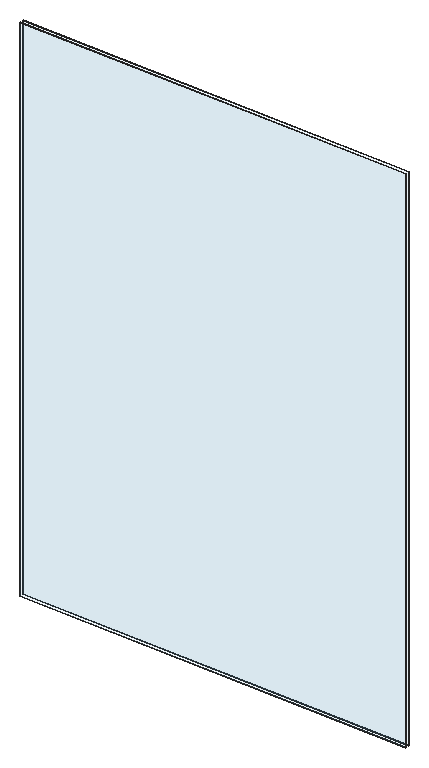
Revit family "ALSPEC Hunter Evo 150 DGL Flush GLZ", category Curtain Panels, Revit 2017
Family settings
  OmniClass Number = 23.25.20.14.11.11.17
  OmniClass Title = Infill Panels
  Always vertical = Yes
  Cut with Voids When Loaded = No
  Shared = No
Parameters
  YEAR = "2019"
  VERSION = "2.0"
  TODAYS DATE = "05.02.2019"
  SINGLE GLAZED THICKNESS = 10 mm
  DOUBLE GLAZED THICKNESS = 40 mm
  D = B - (2 * A)  # 20 mm
  CREATOR = " Scott Isouard"  # constant formula
  COMPANY = "Archvis"  # constant formula
  C = if(D > 0 mm, B, (2 * A) + 0.8 mm)  # 40 mm
  B = if(DOUBLE GLAZED THICKNESS > 40 mm, 40 mm, if(DOUBLE GLAZED THICKNESS < 16 mm, 16 mm, DOUBLE GLAZED THICKNESS))  # 40 mm
  Assembly Code = ""
  Analytic Construction = "<None>"
  ANZRC Compliant = yes
  A = if(SINGLE GLAZED THICKNESS > 14 mm, 14 mm, if(SINGLE GLAZED THICKNESS < 6 mm, 6 mm, SINGLE GLAZED THICKNESS))  # 10 mm
Reference planes
  plane 1 "Center (Front/Back)": y = 0
  plane 2: z = 0
  plane 3 "Center (Left/Right)": x = 0
  plane 4 "Left": x = -1500
  plane 5 "Right": x = 1500
  plane 6 "Top": z = 4000
  plane 7: z = -50
  plane 8: y = 28.3
  plane 9: y = 48.3
  plane 10: y = 8.3
  plane 11: y = 38.3
  plane 12: y = 18.3
Forms (mm)
  Extrusion 1, solid, material "Glass"
    sketch origin (0, 0, 0) x (1, 0, 0) y (0, 1, 0)
      loop
        line (-1500, 48.3) -> (-1500, 38.3) -> (1500, 38.3) -> (1500, 48.3) -> (-1500, 48.3)
      loop
        line (-1500, 18.3) -> (-1500, 8.3) -> (1500, 8.3) -> (1500, 18.3) -> (-1500, 18.3)
    from 0 to 4000
Text (mm)
  text "Exterior" at (-1594.545, 108.878, 0), in view "Ref. Level"
  text "Exterior" at (0, 2290.741, 4406.713), in view "Left"
  text "Exterior" at (0, 1328.187, 4120.349), in view "Right"
Dimensions and locks
  equal spacing: plane 4 "Left", plane 3 "Center (Left/Right)", plane 5 "Right"
  locked: plane 7 to plane 2 at 50
  "C": plane 10 to plane 9
  equal spacing: plane 10, plane 8, plane 9
  locked: plane 1 "Center (Front/Back)" to plane 8 at 28.3
  "A": plane 10 to plane 12
  "A": plane 11 to plane 9
  aligned and locked: Extrusion 1 to plane 6 "Top"
  aligned and locked: plane 9 to Extrusion 1 sketch curve
  aligned and locked: Extrusion 1 sketch curve to plane 11
  aligned and locked: plane 12 to Extrusion 1 sketch curve
  aligned and locked: Extrusion 1 sketch curve to plane 10
Automatic sketch dimensions
  Extrusion 1 sketch curve to plane 4 "Left" = 0 mm  (x2)
  Extrusion 1 sketch curve to plane 5 "Right" = 0 mm  (x2)
